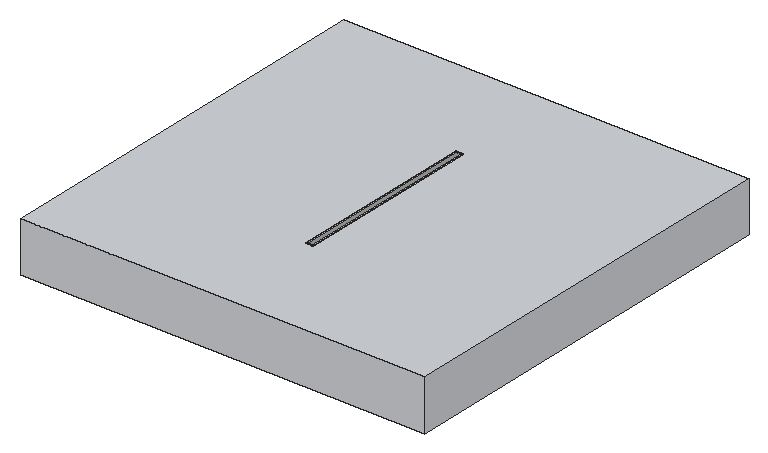
Revit family "LAMP_FIL 35 1120MM OPAL RECESSED", category Luminarias, Revit 2018
Family settings
  Anfitrión = Cara
  Cota de conector redondo = Diámetro de uso
  Tipo de pieza = Normal
  Corte con vacíos al cargar = No
  Origen de luz = Sí
  Compartido = No
  Punto de cálculo de habitación = No
Parameters (values of type "1216LM 3000K  BLACK")
  Ángulo de inclinación = -90.00°
  Weight = 3.24 kg
  Wattage = 12.1 W
  Type = "MID POWER TRIDONIC"
  built-in parameter 1150107 = 3000 (stored number, unit not read)
  Recessed dimensions = "1128x42x0"
  built-in parameter 1150110 = 1 (stored number, unit not read)
  built-in parameter 1150109 = 1 (stored number, unit not read)
  built-in parameter 1150112 = 1 (stored number, unit not read)
  built-in parameter 1150113 = 1 (stored number, unit not read)
  built-in parameter 1114218 = 1 (stored number, unit not read)
  Protection rating = "IP20 / IK07"
  Product datasheet = "http://www.lamp.es/product-files/TECH/F31RE112LOOP830NB-EN.pdf"
  Product code = "F31RE112LOOP830NB"
  Product URL = "https://www.lamp.es/en/family/fil-35_413911"
  Power Supply = "220-240V 50/60Hz"
  Power = 11 W
  Plum = 12.1 W
  Photobiological risk = ""
  NOT COVER 2 [instance] = not(END COVER 2)  # no
  NOT COVER 1 [instance] = not(END COVER 1)  # no
  built-in parameter 1150137 = (empty or 0)
  built-in parameter 1150132 = 2
  Modelo = Product code  # "F31RE112LOOP830NB"
  Model Explanation = ""
  Material suspension = LAMP_Acero genérico
  Material perfil = LAMP_Aluminio Perfil Fil NG
  Material difusor = LAMP_PC Difusor Opal Fil
  Manufacturer name = "LAMP"
  Manufacturer country = "Spain"
  Manufacturer URL = "http://www.lamp.es/en"
  MacAdam = "3"
  Longitud de línea de emisión = 1120 mm
  Last update = "03/05/2021"
  Lamp = "MID-POWER LED"
  LED Lifetime = "50.000 L90 B10"
  built-in parameter 1150105 = 480.53 (stored number, unit not read)
  built-in parameter 1150102 = (empty or 0)
  Insulation class = "I"
  Installation instructions = "https://www.lamp.es/product-files/INS/1004590-A%20INSTR.%20FIL35.pdf"
  built-in parameter 1150106 = 4.8053 (stored number, unit not read)
  IEE = "A+"
  Gear = "Electronic"
  Lumens = 1216.05 lm
  Finish = "Matte black RAL 9011"
  Color Filter = 16777215
  built-in parameter 1114217 = 1 (stored number, unit not read)
  built-in parameter 1150139 = (empty or 0)
  Fabricante = Manufacturer name  # "LAMP"
  Default Elevation = 1219.2 mm
  built-in parameter 1150104 = 9.3368 (stored number, unit not read)
  Efficacy = 100.5 lm/W
  END COVER 2 [instance] = yes
  END COVER 1 [instance] = yes
  Dimensions = "1120x45x76"
  Descripción = "FIL35 REC 1120 1600 WW OPAL BK."
  built-in parameter 1150115 = 1 (stored number, unit not read)
  built-in parameter 1150114 = 1 (stored number, unit not read)
  built-in parameter 1150138 = (empty or 0)
  built-in parameter 1150134 = 3
  Dimming Lamp Color Temperature Shift = (empty or 0)
  CRI = "80"
  Archivo de red fotométrica = "F31RE112LOOP830NB.IES"
  built-in parameter 1150133 = 10 (stored number, unit not read)
Types (12, lengths in mm): name | built-in parameter 1150107 | Product datasheet | Product code | Modelo | Material perfil | Finish | Descripción | Archivo de red fotométrica
  1216LM 3000K DALI BLACK | 3000 (stored number, unit not read) | "http://www.lamp.es/product-files/TECH/F31RE112LOOP830DB-EN.pdf" | "F31RE112LOOP830DB" | "F31RE112LOOP830DB" | LAMP_Aluminio Perfil Fil NG | "Matte black RAL 9011" | "FIL35 REC 1120 1600 WW OPAL DALI BK." | "F31RE112LOOP830nB.IES"
  1216LM 3000K DALI GREY | 3000 (stored number, unit not read) | "http://www.lamp.es/product-files/TECH/F31RE112LOOP830DG-EN.pdf" | "F31RE112LOOP830DG" | "F31RE112LOOP830DG" | LAMP_Aluminio Perfil Fil GR | "Gloss grey" | "FIL35 REC 1120 1600 WW OPAL DALI GR." | "F31RE112LOOP830nG.IES"
  1216LM 3000K DALI WHITE | 3000 (stored number, unit not read) | "http://www.lamp.es/product-files/TECH/F31RE112LOOP830DW-EN.pdf" | "F31RE112LOOP830DW" | "F31RE112LOOP830DW" | LAMP_Aluminio Perfil Fil BL | "Matte white RAL 9010" | "FIL35 REC 1120 1600 WW OPAL DALI WH." | "F31RE112LOOP830nW.IES"
  1216LM 3000K  BLACK | 3000 (stored number, unit not read) | "http://www.lamp.es/product-files/TECH/F31RE112LOOP830NB-EN.pdf" | "F31RE112LOOP830NB" | "F31RE112LOOP830NB" | LAMP_Aluminio Perfil Fil NG | "Matte black RAL 9011" | "FIL35 REC 1120 1600 WW OPAL BK." | "F31RE112LOOP830NB.IES"
  1216LM 3000K  GREY | 3000 (stored number, unit not read) | "http://www.lamp.es/product-files/TECH/F31RE112LOOP830NG-EN.pdf" | "F31RE112LOOP830NG" | "F31RE112LOOP830NG" | LAMP_Aluminio Perfil Fil GR | "Gloss grey" | "FIL35 REC 1120 1600 WW OPAL GR." | "F31RE112LOOP830NG.IES"
  1216LM 3000K  WHITE | 3000 (stored number, unit not read) | "http://www.lamp.es/product-files/TECH/F31RE112LOOP830NW-EN.pdf" | "F31RE112LOOP830NW" | "F31RE112LOOP830NW" | LAMP_Aluminio Perfil Fil BL | "Matte white RAL 9010" | "FIL35 REC 1120 1600 WW OPAL WH." | "F31RE112LOOP830NW.IES"
  1216LM 4000K DALI BLACK | 4000 (stored number, unit not read) | "http://www.lamp.es/product-files/TECH/F31RE112LOOP840DB-EN.pdf" | "F31RE112LOOP840DB" | "F31RE112LOOP840DB" | LAMP_Aluminio Perfil Fil NG | "Matte black RAL 9011" | "FIL35 REC 1120 1600 NW OPAL DALI BK." | "F31RE112LOOP840nB.IES"
  1216LM 4000K DALI GREY | 4000 (stored number, unit not read) | "http://www.lamp.es/product-files/TECH/F31RE112LOOP840DG-EN.pdf" | "F31RE112LOOP840DG" | "F31RE112LOOP840DG" | LAMP_Aluminio Perfil Fil GR | "Gloss grey" | "FIL35 REC 1120 1600 NW OPAL DALI GR." | "F31RE112LOOP840nG.IES"
  1216LM 4000K DALI WHITE | 4000 (stored number, unit not read) | "http://www.lamp.es/product-files/TECH/F31RE112LOOP840DW-EN.pdf" | "F31RE112LOOP840DW" | "F31RE112LOOP840DW" | LAMP_Aluminio Perfil Fil BL | "Matte white RAL 9010" | "FIL35 REC 1120 1600 NW OPAL DALI WH." | "F31RE112LOOP840nW.IES"
  1216LM 4000K  BLACK | 4000 (stored number, unit not read) | "http://www.lamp.es/product-files/TECH/F31RE112LOOP840NB-EN.pdf" | "F31RE112LOOP840NB" | "F31RE112LOOP840NB" | LAMP_Aluminio Perfil Fil NG | "Matte black RAL 9011" | "FIL35 REC 1120 1600 NW OPAL BK." | "F31RE112LOOP840NB.IES"
  1216LM 4000K  GREY | 4000 (stored number, unit not read) | "http://www.lamp.es/product-files/TECH/F31RE112LOOP840NG-EN.pdf" | "F31RE112LOOP840NG" | "F31RE112LOOP840NG" | LAMP_Aluminio Perfil Fil GR | "Gloss grey" | "FIL35 REC 1120 1600 NW OPAL GR." | "F31RE112LOOP840NG.IES"
  1216LM 4000K  WHITE | 4000 (stored number, unit not read) | "http://www.lamp.es/product-files/TECH/F31RE112LOOP840NW-EN.pdf" | "F31RE112LOOP840NW" | "F31RE112LOOP840NW" | LAMP_Aluminio Perfil Fil BL | "Matte white RAL 9010" | "FIL35 REC 1120 1600 NW OPAL WH." | "F31RE112LOOP840NW.IES"
Reference planes
  plane 1 "Centro (Frontal/Posterior)": y = 0
  plane 2: z = 0
  plane 3 "Centro (Izquierda/Derecha)": x = 0
Forms (mm)
  Extrusion 1, solid
    sketch origin (0, 0, 0) x (1, 0, 0) y (0, 1, 0)
      loop
        line (-1219.2, 1219.2) -> (-1219.2, -1219.2) -> (1219.2, -1219.2) -> (1219.2, 1219.2) -> (-1219.2, 1219.2)
    from 0 to -304.8
  Extrusion 2, solid, material "LAMP_Aluminio Perfil Fil NG" <- "Material perfil"
    sketch origin (0, 0, -281.8) x (1, 0, 0) y (0, 0, 1)
      loop
        line (-17.5, 281.8) -> (-17.5, 207) -> (0, 207) -> (17.5, 207) -> (17.5, 281.8) -> (22.5, 281.8) -> (22.5, 283) -> (16.5, 283) -> (16.5, 259) -> (0, 259) -> (-16.5, 259) -> (-16.5, 283) -> (-22.5, 283) -> (-22.5, 281.8) -> (-17.5, 281.8)
    from -560 to 560
  Extrusion 3, solid, material "LAMP_PC Difusor Opal Fil" <- "Material difusor"
    sketch origin (0, 0, -281.8) x (1, 0, 0) y (0, 0, 1)
      loop
        line (-16.5, 283) -> (-16.5, 281.8) -> (16.5, 281.8) -> (16.5, 283) -> (-16.5, 283)
    from -560 to 560
Text (mm)
  text "Any modification of the parameters and properties of the LAMP BIM models must be executed and validated by the LAMP technical department.\nPhone: +34 93 736 68 00\nE-mail: lamp@lamp.es\n\nLAMP reserves the right to modify the technical specifications of its products." at (3249.303, 5266.069, -2786.139), in view "Preview"
Dimensions and locks
  aligned and locked: plane 2 to Extrusion 1
  aligned and locked: level to Extrusion 1
Nested families
  nested 1: "LAMP_FIL 35 END COVER RECESSED" at (0, -561, -74.8), visible <- "END COVER 1", type "LAMP_FIL 35 END COVER RECESSED"
  nested 2: "LAMP_FIL 35 END COVER RECESSED" at (0, 561, -74.8) x (-1, 0, 0) z (0, 0, 1), visible <- "END COVER 2", type "LAMP_FIL 35 END COVER RECESSED"
Connectors
  electrical at (0, 0, -75.3)
    settings: on Extrusion 2, index 1, voltage 230 V, apparent load 0 VA, apparent load phase1 0 VA, apparent load phase2 0 VA, apparent load phase3 0 VA, power factor 1, load classification "Otro", number of poles 1, system type 31, power factor state 1, is connector primary yes, connector utility no, sub classification motor no, connector description ""
Definition of nested family "LAMP_FIL 35 END COVER RECESSED"
  Parameters (values of type "LAMP_FIL 35 END COVER RECESSED")
    Material tapa = none
  Reference planes
    plane 1 "Centro (Frontal/Posterior)": y = 0
    plane 2: z = 0
    plane 3 "Centro (Izquierda/Derecha)": x = 0
  Forms (mm)
    Extrusion 1, solid, material <- "Material tapa"
      sketch origin (0, 0, 76.8) x (0, -1, 0) y (0, 0, -1)
        loop
          line (1, 76.8) -> (-1, 76.8) -> (-1, 0.8) -> (5, 0.8) -> (5, 2) -> (1, 2) -> (1, 76.8)
      from -22.5 to 22.5
    Extrusion 2, void
      sketch origin (-5.1, 0, 0) x (1, 0, 0) y (0, 0, 1)
        loop
          line (22.6, 74.8) -> (22.6, 0) -> (27.6, 0) -> (27.6, 74.8) -> (22.6, 74.8)
      from -23.5 to 23.5
    Extrusion 3, void
      sketch origin (5.1, 0, 0) x (1, 0, 0) y (0, 0, 1)
        loop
          line (-22.6, 74.8) -> (-27.6, 74.8) -> (-27.6, 0) -> (-22.6, 0) -> (-22.6, 74.8)
      from -23.5 to 23.5
  Cuts and joins
    Extrusion 2, Extrusion 3 cuts Extrusion 1
  Dimensions and locks
    aligned and locked: level to plane 2
